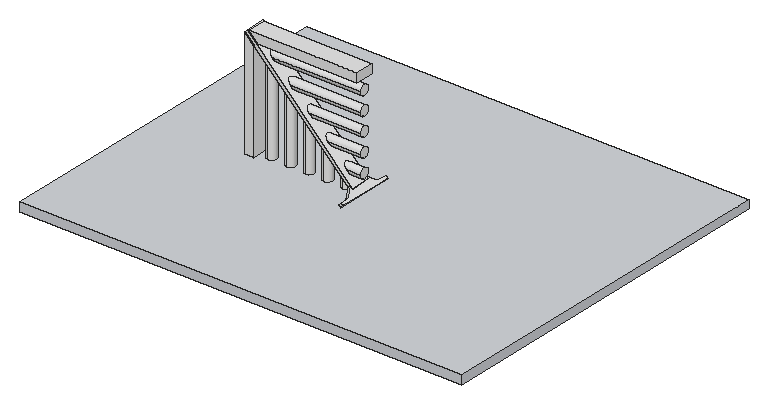
Revit family "Sunshade-Corner-Kawneer-Curtain_Wall-Outside_90", category Specialty Equipment, host Face, Revit 2015
Parameters (values of type "30"-Circular-Square")
  Width of Blades 2 [instance] = 0' - 0"
  Width of Blades 1 [instance] = 0' - 0"
  URL = "http://www.kawneer.com/kawneer/north_america/en/home.asp"
  Type Comments = ""
  Set 1 Inset = 0' - 5 1/4"
  Right Fascia Offset = 2' - 4 3/8"
  Product data url = "https://bimobject.com/kawneerna/product/04305"
  Product Page URL = "http://www.kawneer.com/kawneer/north_america/en/product.asp?cat_id=1463&prod_id=4305"
  Product Documentation Link = "http://www.kawneer.com/kawneer/north_america/catalog/pdf/Sun_Control/Versoleil_OutriggerCW_Flyer.pdf"
  Outrigger Type = Outrigger-Kawneer-Angle-Square : 5"
  Model = "Sunshade Outside 90 Degree Corner"  # constant formula
  Manufacturer = "Kawneer "  # constant formula
  Set 2 Inset = 0' - 6"
  Length = 2' - 6"
  Height of Bottom Fascia = 2' - 5 5/16"
  Height of Blade 1 = 0' - 5"
  Has 6th Blade = no
  Has 5th Blade = yes
  Finish = Aluminum - Kawneer - Clear
  Fascia Type = Fascia-Kawneer-Outside_Angle_Cut-Rectangular : Versoleil
  Distance Blade 5 and 6 = 0' - 0"
  Distance Blade 4 and 5 = 0' - 0"
  Distance Blade 3 and 4 = 0' - 0"
  Distance Blade 2 and 3 = 0' - 0"
  Distance Blade 1 and 2 = 0' - 0"
  Description = "Rounded Outrigger, Bullnose Fascias"
  Default Elevation = 4' - 0"
  Copyright © = "©2012 Kawneer  "  # constant formula
  CTRL Outrigger Angle = 45.00°
  CTRL Length of Blade = if(and(Length = 2' 6", CTRL Angle = 135.00°), 3' 6 109/256" - 0' 0 7/8", if(and(Length = 3' 0", CTRL Angle = 135.00°), 4' 2 233/256" - 0' 0 7/8", Length - 0' 2 1/32"))  # 3' - 5 141/256"
  CTRL Length of Outrigger = 2' - 6 1/4"
  CTRL Fascia Location = 0' - 0"
  CTRL Fascia Length = if(Length = 3' 0", 4' 8 11/32", 4' 1 23/32")  # 4' - 1 23/32"
  CTRL Angle = 135.00°
  Bottom Fascia Offset = if(Length = 2' 6", 2' 5 1/4", 2' 11 1/4")  # 2' - 5 1/4"
  Blade Type = Blade-Kawneer-Angle_Cut-Circular : Versoleil
  Blade Distance = 0' - 5"
  Blade 6 Location = if(Distance Blade 1 and 2 = 0' 1 1/4", 0' 1 1/4", if(Distance Blade 1 and 2 = 0' 0 1/8", 0' 0 1/8", Distance Blade 1 and 2))  # 0' - 0"
  Blade 5 Location = if(Distance Blade 2 and 3 = 0' 1 1/4", 0' 1 1/4", if(Distance Blade 2 and 3 = 0' 0 9/16", 0' 0 9/16", Distance Blade 2 and 3))  # 0' - 0"
  Blade 4 Location = if(Distance Blade 3 and 4 = 0' 1 1/4", 0' 1 1/4", if(Distance Blade 3 and 4 = 0' 1 1/4", 0' 1 1/4", Distance Blade 3 and 4))  # 0' - 0"
  Blade 3 Location = if(Distance Blade 4 and 5 = 0' 1 1/4", 0' 1 1/4", if(Distance Blade 4 and 5 = 0' 2 3/16", 0' 2 3/16", Distance Blade 4 and 5))  # 0' - 0"
  Blade 2 Location = if(Distance Blade 5 and 6 = 0' 1 1/4", 0' 1 1/4", if(Distance Blade 5 and 6 = 0' 3 1/16", 0' 3 1/16", Distance Blade 5 and 6))  # 0' - 0"
  Blade 1 Location = Distance Blade 1 and 2  # 0' - 0"
Reference planes (in)
  plane 1 "Center (Front/Back)": y = 0
  plane 2: z = -0.78125
  plane 3 "Center (Left/Right)": x = 3.30772
  plane 4 "Bracket Bottom": z = -0.78125
  plane 5 "Arm_Center-(T/B)": z = 2.07581
  plane 6 "Back of Right Blades": x = 4.06539
  plane 7 "Blade 1": z = 4.21875
  plane 8 "Blade 2": z = 9.21875
  plane 9 "Top": z = 29.21875
  plane 10 "Blade 3": z = 14.21875
  plane 11 "Blade 4": z = 19.21875
  plane 12 "Blade 5": z = 24.21875
  plane 13 "Outrigger offset": x = 4.06539
  plane 14 "Left of Right Blade 1": x = -1.93461
  plane 15 "Left of Right Blade 2": x = -6.93461
  plane 16 "Left of Right Blade 3": x = -11.93461
  plane 17 "Left of Right Blade 4": x = -16.93461
  plane 18 "Right of Fascias": x = -25.05961
  plane 19 "One": x = 19.82306
  plane 20 "Outrigger": through (-9.69912, -180, -14.54576) normal (-0.7071, 0, 0.7071)
  plane 21 "Back of Blade Bottom Set": z = -0.78125
  plane 22 "Top of Bottom Blade 1": z = 5.21875
  plane 23 "Top of Bottom Blade 2": z = 10.21875
  plane 24 "Top of Bottom Blade 3": z = 15.21875
  plane 25 "Top of Bottom Blade 4": z = 20.21875
  plane 26 "Top of Bottom Blade 5": z = 25.21875
  plane 27 "Two": x = 3.31539
  plane 28 "Top of Fascia 2": z = 29.21875
  plane 29 "Left of Right Blade 5": x = -21.93461
  plane 30 "Center of Bottom Blade 1": x = -0.93461
  plane 31 "Center of Bottom Blade 2": x = -5.93461
  plane 32 "Center of Bottom Blade 3": x = -10.93461
  plane 33 "Center of Bottom Blade 4": x = -15.93461
  plane 34 "Center of Bottom Blade 5": x = -20.93461
  plane 35 "Top of Bottom Fascia": x = -25.93461
  plane 36 "Top of Bottom Blade 6": z = 30.21875
  plane 37 "Blade 6": z = 29.21875
  plane 38 "Center Left / Right Blade 1": y = 0
  plane 39 "Center Left / Right Blade 2": y = 0
  plane 40 "Center Left / Right Blade 3": y = 0
  plane 41 "Center Left / Right Blade 4": y = 0
  plane 42 "Center Left / Right Blade 5": y = 0
  plane 43 "Center Left / Right Blade 6": y = 0
  plane 44 "Center Fascia": y = 0
  plane 45 "Left of Right Blade 6": x = -26.93461
  plane 46 "Center of Bottom Blade 6": x = -25.93461
  plane 47: z = 0
  plane 48 "Height oF Fascia Set 2": z = 28.53125
Forms (in)
  Extrusion 1, solid
    sketch origin (20.50767, 0, -0.78125) x (1, 0, 0) y (0, 1, 0)
      loop
        line (-70.19995, 48) -> (-70.19995, -48) -> (48, -48) -> (48, 48) -> (-70.19995, 48)
    from 0 to -2.19603
Lines and regions (in)
  reference lines
    curve 1: line (4.06539, 0, -0.78125) -> (-25.5913, 0, 28.87544)
Dimensions and locks (in)
  locked: plane 4 "Bracket Bottom" to plane 2 at 0
  "Blade Distance": plane 8 "Blade 2" to plane 7 "Blade 1"
  "Blade Distance": plane 10 "Blade 3" to plane 8 "Blade 2"
  "Blade Distance": plane 11 "Blade 4" to plane 10 "Blade 3"
  "Blade Distance": plane 16 "Left of Right Blade 3" to plane 15 "Left of Right Blade 2"
  "Blade Distance": plane 17 "Left of Right Blade 4" to plane 16 "Left of Right Blade 3"
  "Blade Distance": plane 31 "Center of Bottom Blade 2" to plane 30 "Center of Bottom Blade 1"
  "Blade Distance": plane 32 "Center of Bottom Blade 3" to plane 31 "Center of Bottom Blade 2"
  "Blade Distance": plane 33 "Center of Bottom Blade 4" to plane 32 "Center of Bottom Blade 3"
  "Blade Distance": plane 34 "Center of Bottom Blade 5" to plane 33 "Center of Bottom Blade 4"
  locked: plane 3 "Center (Left/Right)" to plane 27 "Two" at 0.00767
  "Blade Distance": plane 29 "Left of Right Blade 5" to plane 17 "Left of Right Blade 4"
  "Blade Distance": plane 25 "Top of Bottom Blade 4" to plane 24 "Top of Bottom Blade 3"
  "Blade Distance": plane 24 "Top of Bottom Blade 3" to plane 23 "Top of Bottom Blade 2"
  "Blade Distance": plane 23 "Top of Bottom Blade 2" to plane 22 "Top of Bottom Blade 1"
  "Blade Distance": plane 26 "Top of Bottom Blade 5" to plane 25 "Top of Bottom Blade 4"
  "Blade Distance": plane 36 "Top of Bottom Blade 6" to plane 26 "Top of Bottom Blade 5"
  "Blade Distance": plane 37 "Blade 6" to plane 12 "Blade 5"
  "Height of Blade 1": plane 30 "Center of Bottom Blade 1" to plane 13 "Outrigger offset"
  "Right Fascia Offset": plane 18 "Right of Fascias" to plane 27 "Two"
  "Bottom Fascia Offset": plane 35 "Top of Bottom Fascia" to plane 27 "Two"
  "Width of Blades 2": plane 4 "Bracket Bottom" to plane 21 "Back of Blade Bottom Set"
  "Blade 1 Location": plane 38 "Center Left / Right Blade 1" to plane 1 "Center (Front/Back)"
  "CTRL Fascia Location": plane 44 "Center Fascia" to plane 1 "Center (Front/Back)"
  "Blade 6 Location": plane 43 "Center Left / Right Blade 6" to plane 1 "Center (Front/Back)"
  "Blade 5 Location": plane 42 "Center Left / Right Blade 5" to plane 1 "Center (Front/Back)"
  "Blade 4 Location": plane 41 "Center Left / Right Blade 4" to plane 1 "Center (Front/Back)"
  "Blade 3 Location": plane 40 "Center Left / Right Blade 3" to plane 1 "Center (Front/Back)"
  "Blade 2 Location": plane 39 "Center Left / Right Blade 2" to plane 1 "Center (Front/Back)"
  "Blade Distance": plane 12 "Blade 5" to plane 11 "Blade 4"
  "Set 2 Inset": plane 22 "Top of Bottom Blade 1" to plane 4 "Bracket Bottom"
  "Set 1 Inset": plane 14 "Left of Right Blade 1" to plane 27 "Two"
  "Blade Distance": plane 15 "Left of Right Blade 2" to plane 14 "Left of Right Blade 1"
  locked: plane 44 "Center Fascia" to plane 1 "Center (Front/Back)" at 0
  "Blade Distance": plane 45 "Left of Right Blade 6" to plane 29 "Left of Right Blade 5"
  "Blade Distance": plane 46 "Center of Bottom Blade 6" to plane 34 "Center of Bottom Blade 5"
  "Height of Blade 1": plane 7 "Blade 1" to plane 2
  "Length": plane 9 "Top" to plane 2
  "Height of Bottom Fascia": plane 48 "Height oF Fascia Set 2" to plane 4 "Bracket Bottom"
  "Length": plane 28 "Top of Fascia 2" to plane 4 "Bracket Bottom"
  locked: plane 27 "Two" to plane 13 "Outrigger offset" at 0.75
  "Width of Blades 1": plane 13 "Outrigger offset" to plane 6 "Back of Right Blades"
  "CTRL Outrigger Angle": angle plane 4 "Bracket Bottom" to plane 20 "Outrigger"
  "CTRL Angle": angle plane 4 "Bracket Bottom" to curve 1
  aligned and locked: plane 2 to Extrusion 1
  aligned: level to Extrusion 1
  aligned: plane 9 "Top" to nested 1  (x2)
  aligned: plane 1 "Center (Front/Back)" to nested 1
  aligned and locked: plane 7 "Blade 1" to nested 2
  aligned: plane 1 "Center (Front/Back)" to nested 2
  aligned: plane 14 "Left of Right Blade 1" to nested 2  (x2)
  aligned and locked: plane 8 "Blade 2" to nested 3
  aligned: plane 15 "Left of Right Blade 2" to nested 3
  aligned and locked: plane 10 "Blade 3" to nested 4
  aligned: plane 16 "Left of Right Blade 3" to nested 4
  aligned: plane 17 "Left of Right Blade 4" to nested 5
  aligned and locked: plane 11 "Blade 4" to nested 5
  aligned and locked: plane 12 "Blade 5" to nested 6
  aligned and locked: plane 15 "Left of Right Blade 2" to nested 3
  aligned and locked: plane 16 "Left of Right Blade 3" to nested 4
  aligned and locked: plane 17 "Left of Right Blade 4" to nested 5
  aligned: plane 18 "Right of Fascias" to nested 1
  aligned and locked: plane 1 "Center (Front/Back)" to nested 7
  aligned: nested 1 to plane 6 "Back of Right Blades"
  aligned and locked: nested 2 to plane 6 "Back of Right Blades"
  aligned and locked: nested 3 to plane 6 "Back of Right Blades"
  aligned and locked: nested 4 to plane 6 "Back of Right Blades"
  aligned and locked: nested 5 to plane 6 "Back of Right Blades"
  aligned and locked: nested 6 to plane 6 "Back of Right Blades"
  aligned and locked: plane 4 "Bracket Bottom" to curve 1
  aligned and locked: plane 13 "Outrigger offset" to curve 1
  aligned and locked: curve 1 to nested 7
  aligned and locked: plane 37 "Blade 6" to nested 8
  aligned: nested 7 to curve 1
  aligned and locked: nested 8 to plane 6 "Back of Right Blades"
  aligned and locked: plane 14 "Left of Right Blade 1" to nested 2
  aligned and locked: plane 18 "Right of Fascias" to nested 1
  aligned and locked: nested 1 to plane 6 "Back of Right Blades"
  aligned and locked: plane 38 "Center Left / Right Blade 1" to nested 2
  aligned and locked: plane 39 "Center Left / Right Blade 2" to nested 3
  aligned and locked: plane 41 "Center Left / Right Blade 4" to nested 5
  aligned and locked: plane 42 "Center Left / Right Blade 5" to nested 6
  aligned and locked: plane 43 "Center Left / Right Blade 6" to nested 8
  aligned and locked: plane 44 "Center Fascia" to nested 1
  aligned: nested 3 to plane 39 "Center Left / Right Blade 2"
  aligned and locked: plane 40 "Center Left / Right Blade 3" to nested 4
  aligned: nested 5 to plane 41 "Center Left / Right Blade 4"
  aligned and locked: nested 10 to plane 34 "Center of Bottom Blade 5"
  aligned and locked: nested 12 to plane 33 "Center of Bottom Blade 4"
  aligned and locked: nested 11 to plane 32 "Center of Bottom Blade 3"
  aligned and locked: nested 13 to plane 31 "Center of Bottom Blade 2"
  aligned and locked: nested 14 to plane 30 "Center of Bottom Blade 1"
  aligned and locked: plane 21 "Back of Blade Bottom Set" to nested 9
  aligned and locked: plane 21 "Back of Blade Bottom Set" to nested 10
  aligned and locked: plane 21 "Back of Blade Bottom Set" to nested 12
  aligned and locked: plane 21 "Back of Blade Bottom Set" to nested 11
  aligned and locked: plane 21 "Back of Blade Bottom Set" to nested 13
  aligned and locked: plane 21 "Back of Blade Bottom Set" to nested 14
  aligned and locked: nested 9 to plane 36 "Top of Bottom Blade 6"
  aligned and locked: nested 10 to plane 26 "Top of Bottom Blade 5"
  aligned and locked: nested 12 to plane 25 "Top of Bottom Blade 4"
  aligned and locked: nested 11 to plane 24 "Top of Bottom Blade 3"
  aligned and locked: nested 13 to plane 23 "Top of Bottom Blade 2"
  aligned and locked: nested 14 to plane 22 "Top of Bottom Blade 1"
  aligned and locked: nested 14 to plane 38 "Center Left / Right Blade 1"
  aligned and locked: nested 13 to plane 39 "Center Left / Right Blade 2"
  aligned and locked: nested 11 to plane 40 "Center Left / Right Blade 3"
  aligned and locked: nested 12 to plane 41 "Center Left / Right Blade 4"
  aligned and locked: nested 10 to plane 42 "Center Left / Right Blade 5"
  aligned and locked: nested 9 to plane 43 "Center Left / Right Blade 6"
  aligned and locked: nested 15 to plane 44 "Center Fascia"
  aligned and locked: nested 15 to plane 35 "Top of Bottom Fascia"
  aligned: nested 15 to plane 28 "Top of Fascia 2"
  aligned and locked: plane 21 "Back of Blade Bottom Set" to nested 15
  aligned and locked: plane 20 "Outrigger" to nested 7
  aligned and locked: plane 28 "Top of Fascia 2" to nested 1
  aligned and locked: plane 45 "Left of Right Blade 6" to nested 8
  aligned and locked: nested 9 to plane 46 "Center of Bottom Blade 6"
  aligned and locked: plane 29 "Left of Right Blade 5" to nested 6
  aligned and locked: nested 15 to plane 48 "Height oF Fascia Set 2"
Automatic sketch dimensions
  Extrusion 1 sketch curve to Extrusion 1 sketch curve = 9' - 10.19995"
  Extrusion 1 sketch curve to Extrusion 1 sketch curve = 8' - 0"
Nested families (in)
  nested 1: "Fascia-Kawneer-Outside_Angle_Cut-Rectangular" at (46.94039, 0, 26.71694), Fascias Materials <- "Finish", type <- "Fascia Type", type "Versoleil"
    with Fascias Materials Aluminum - Kawneer - Clear, CTRL Width 2' - 5 1/8"
  nested 2: "Blade-Kawneer-Angle_Cut-Circular" at (70.06539, 0, 2.71875), Blade Materials <- "Finish", type <- "Blade Type", type "Versoleil"
    with CTRL Width 0' - 6", Blade Materials Aluminum - Kawneer - Clear
  nested 3: "Blade-Kawneer-Angle_Cut-Circular" at (65.06539, 0, 7.71875), Blade Materials <- "Finish", type <- "Blade Type", type "Versoleil"
    with CTRL Width 0' - 11", Blade Materials Aluminum - Kawneer - Clear
  nested 4: "Blade-Kawneer-Angle_Cut-Circular" at (60.06539, 0, 12.71875), Blade Materials <- "Finish", type <- "Blade Type", type "Versoleil"
    with CTRL Width 1' - 4", Blade Materials Aluminum - Kawneer - Clear
  nested 5: "Blade-Kawneer-Angle_Cut-Circular" at (55.06539, 0, 17.71875), Blade Materials <- "Finish", type <- "Blade Type", type "Versoleil"
    with CTRL Width 1' - 9", Blade Materials Aluminum - Kawneer - Clear
  nested 6: "Blade-Kawneer-Angle_Cut-Circular" at (50.06539, 0, 22.71875), visible <- "Has 5th Blade", Blade Materials <- "Finish", type <- "Blade Type", type "Versoleil"
    with CTRL Width 2' - 2", Blade Materials Aluminum - Kawneer - Clear
  nested 7: "Outrigger-Kawneer-Angle-Square" at (4.06539, 0, -0.78125) x (0.7071, 0, 0.7071) z (-0.7071, 0, 0.7071), type <- "Outrigger Type", CTRL Angle <- "CTRL Outrigger Angle", type "5""
    with Outrigger Length 3' - 3.90734", Outrigger Angle 90.00°, CTRL Blade Offset 1' - 9.38998", CTRL Angle 45.00°, Length 2' - 6 1/4", CTRL Length 2' - 4 7/32"
  nested 8: "Blade-Kawneer-Angle_Cut-Circular" at (45.06539, 0, 27.71875), visible <- "Has 6th Blade", Blade Materials <- "Finish", type <- "Blade Type", type "Versoleil"
    with CTRL Width 2' - 7", Blade Materials Aluminum - Kawneer - Clear
  nested 9: "Blade-Kawneer-Angle_Cut-Circular" at (-24.43461, 0, -41.78125) x (0, 0, -1) z (-1, 0, 0), visible <- "Has 6th Blade", Blade Materials <- "Finish", type <- "Blade Type", type "Versoleil"
    with CTRL Width 2' - 7", Blade Materials Aluminum - Kawneer - Clear
  nested 10: "Blade-Kawneer-Angle_Cut-Circular" at (-19.43461, 0, -46.78125) x (0, 0, -1) z (-1, 0, 0), visible <- "Has 5th Blade", Blade Materials <- "Finish", type <- "Blade Type", type "Versoleil"
    with CTRL Width 2' - 2", Blade Materials Aluminum - Kawneer - Clear
  nested 11: "Blade-Kawneer-Angle_Cut-Circular" at (-9.43461, 0, -56.78125) x (0, 0, -1) z (-1, 0, 0), Blade Materials <- "Finish", type <- "Blade Type", type "Versoleil"
    with CTRL Width 1' - 4", Blade Materials Aluminum - Kawneer - Clear
  nested 12: "Blade-Kawneer-Angle_Cut-Circular" at (-14.43461, 0, -51.78125) x (0, 0, -1) z (-1, 0, 0), Blade Materials <- "Finish", type <- "Blade Type", type "Versoleil"
    with CTRL Width 1' - 9", Blade Materials Aluminum - Kawneer - Clear
  nested 13: "Blade-Kawneer-Angle_Cut-Circular" at (-4.43461, 0, -61.78125) x (0, 0, -1) z (-1, 0, 0), Blade Materials <- "Finish", type <- "Blade Type", type "Versoleil"
    with CTRL Width 0' - 11", Blade Materials Aluminum - Kawneer - Clear
  nested 14: "Blade-Kawneer-Angle_Cut-Circular" at (0.56539, 0, -66.78125) x (0, 0, -1) z (-1, 0, 0), Blade Materials <- "Finish", type <- "Blade Type", type "Versoleil"
    with CTRL Width 0' - 6", Blade Materials Aluminum - Kawneer - Clear
  nested 15: "Fascia-Kawneer-Outside_Angle_Cut-Rectangular" at (-23.4328, 0, -43.46875) x (0, 0, -1) z (-1, 0, 0), Fascias Materials <- "Finish", type <- "Fascia Type", type "Versoleil"
    with Fascias Materials Aluminum - Kawneer - Clear, CTRL Width 2' - 5 5/16"
Definition of nested family "Fascia-Kawneer-Outside_Angle_Cut-Rectangular"
  Parameters
    Void Offset = 3' - 2"
    Void Angle = 45.00°
    Default Elevation = 4' - 0"
    CTRL Width [instance] = 12' - 0"
    Fascias Materials [instance] = none
    Assembly Code = ""
  Reference planes (in)
    plane 1 "Center (Front/Back)": y = 0
    plane 2 "Original Bottom": z = 0
    plane 3 "Center (Left/Right)": x = 0
    plane 4 "Left": x = -72
    plane 5 "Right": x = 72
    plane 6 "Front": y = -2.5
    plane 7 "Back": y = 2.5
    plane 8 "Top": z = 2.50181
    plane 9 "Bottom": z = 0
    plane 10 "Void Angle": x = -69.5
    plane 11 "Top Offset of Void": z = 2.53306
    plane 12 "Bottom Offset of Void": z = -0.03125
    plane 13 "Left Offset of Bracket": x = -72.03125
    plane 14 "Right Offset of Void": x = -69.46875
    plane 15 "Back offset of Void": y = -3.5
    plane 16 "Front Offset of Void": y = 3.5
  Forms (in)
    Sweep 1, solid, material <- "Fascias Materials", detail levels medium+fine
      path origin (10, 0, -1.71798) x (1, 0, 0) y (0, 0, 1)
        loop
          line (62, 8.91333) -> (-82, 8.91333)
      profile origin (0, 0, 7.19535) x (0, 0, -1) y (0, -1, 0)
        loop
          line (4.69354, 2.5) -> (4.69354, -2.5) -> (7.19535, -2.5) -> (7.19535, 2.5) -> (4.69354, 2.5)
    Extrusion 2, void
      sketch origin (0, 0, 0) x (1, 0, 0) y (0, 0, 1)
        loop
          line (-72.03125, 2.53215) -> (-72.03125, -0.03125) -> (-69.46965, -0.03125) -> (-72.03125, 2.53215)
      from -3.5 to 3.5
  Cuts and joins
    Extrusion 2 cuts Sweep 1
  Lines and regions (in)
    Masking region 1
      outline origin (0, 0, 0) x (0, 1, 0) y (0, 0, 1)
        loop
          line (2.5, 2.50181) -> (-2.5, 2.50181) -> (-2.5, 0) -> (2.5, 0) -> (2.5, 2.50181)
    Masking region 2
      outline origin (0, 0, 0) x (1, 0, 0) y (0, 1, 0)
        loop
          line (72, 2.5) -> (-72.03125, 2.5) -> (-72.03125, -2.5) -> (72, -2.5) -> (72, 2.5)
    Masking region 3
      outline origin (0, -2.5, 0) x (-1, 0, 0) y (0, 0, 1)
        loop
          line (-72, 2.53306) -> (-72, 0) -> (69.49912, 0) -> (72.03218, 2.53306) -> (-72, 2.53306)
    symbolic lines
      curve 1: line (72, 2.5, 2.50181) -> (72, -2.5, 2.50181)
      curve 2: line (72, -2.5, 2.50181) -> (72, -2.5, 0)
      curve 3: line (72, -2.5, 0) -> (72, 2.5, 0)
      curve 4: line (72, 2.5, 0) -> (72, 2.5, 2.50181)
      curve 5: line (-72, 2.5, 2.50181) -> (-72, -2.5, 2.50181)
      curve 6: line (-72, -2.5, 2.50181) -> (-72, -2.5, 0)
      curve 7: line (-72, -2.5, 0) -> (-72, 2.5, 0)
      curve 8: line (-72, 2.5, 0) -> (-72, 2.5, 2.50181)
      curve 12: line (72, 2.5, 2.50181) -> (-72.03125, 2.5, 2.50181)
      curve 13: line (72, -2.5, 2.50181) -> (72, 2.5, 2.50181)
      curve 14: line (-72.03125, -2.5, 2.50181) -> (72, -2.5, 2.50181)
      curve 15: line (-72.03125, 2.5, 2.50181) -> (-72.03125, -2.5, 2.50181)
      curve 16: line (-69.50088, 2.5, 0) -> (-69.50088, -2.5, 0)
    model lines, detail levels coarse
      curve 9: line (-72, 0, 2.50181) -> (72, 0, 2.50181)
      curve 21: line (72, 2.5, 0) -> (-69.50088, 2.5, 0)
      curve 22: line (72, -2.5, 0) -> (72, 2.5, 0)
      curve 23: line (-69.50088, -2.5, 0) -> (72, -2.5, 0)
      curve 24: line (-72.03125, 2.5, 2.50181) -> (-72.03125, -2.5, 2.50181)
      curve 25: line (72, 2.5, 2.50181) -> (-69.46875, 2.5, 2.50181)
      curve 26: line (72, -2.5, 2.50181) -> (72, 2.5, 2.50181)
      curve 27: line (-69.46875, -2.5, 2.50181) -> (72, -2.5, 2.50181)
      curve 28: line (-69.46875, 2.5, 0) -> (-69.46875, -2.5, 0)
      curve 29: line (72, 2.5, 2.50181) -> (72, -2.5, 2.50181)
      curve 30: line (72, 2.5, 0) -> (72, 2.5, 2.50181)
      curve 31: line (72, -2.5, 0) -> (72, 2.5, 0)
      curve 32: line (72, -2.5, 2.50181) -> (72, -2.5, 0)
      curve 33: line (-72, -2.5, 2.50181) -> (-72, 2.5, 2.50181)
      curve 34: line (-69.5, 2.5, 0) -> (-69.5, -2.5, 0)
      curve 35: line (-72.03218, 2.5, 2.53306) -> (-69.49912, 2.5, 0)
      curve 36: line (-72.03218, -2.5, 2.53306) -> (-69.46787, -2.5, -0.03125)
    symbolic lines, detail levels coarse
      curve 10: line (-72, 0, 2.50181) -> (72, 0, 2.50181)
    reference lines
      curve 11: line (-69.5, 0, 0) -> (-72.00181, 0, 2.50181)
    model lines
      curve 17: line (72, -2.5, 2.50181) -> (-72.00181, -2.5, 2.50181)
      curve 18: line (72, -2.5, -0.03125) -> (72, -2.5, 2.50181)
      curve 19: line (-69.46875, -2.5, -0.03125) -> (72, -2.5, -0.03125)
      curve 20: line (-72.00181, -2.5, 2.50181) -> (-69.46875, -2.5, -0.03125)
  Dimensions and locks (in)
    "CTRL Width": plane 4 "Left" to plane 5 "Right"
    equal spacing: plane 6 "Front", plane 1 "Center (Front/Back)", plane 7 "Back"
    plane 8 "Top" to plane 9 "Bottom" = 0' - 2.50181"  (x2)
    plane 4 "Left" to plane 10 "Void Angle" = 0' - 2 1/2"
    plane 9 "Bottom" to plane 12 "Bottom Offset of Void" = 0' - 0 1/32"
    plane 11 "Top Offset of Void" to plane 8 "Top" = 0' - 0 1/32"
    plane 13 "Left Offset of Bracket" to plane 4 "Left" = 0' - 0 1/32"
    plane 10 "Void Angle" to plane 14 "Right Offset of Void" = 0' - 0 1/32"
    "Void Angle": angle curve 11 to plane 9 "Bottom"
    aligned and locked: plane 4 "Left" to Sweep 1 sketch curve
    aligned and locked: plane 5 "Right" to Sweep 1 sketch curve
    aligned: Sweep 1 to plane 2 "Original Bottom"  (x2)
    aligned: plane 8 "Top" to Sweep 1
    aligned: plane 6 "Front" to Sweep 1
    aligned: plane 7 "Back" to Sweep 1
    aligned and locked: plane 9 "Bottom" to plane 2 "Original Bottom"
    aligned and locked: Sweep 1 to plane 9 "Bottom"
    aligned and locked: plane 8 "Top" to Sweep 1
    aligned and locked: plane 7 "Back" to Sweep 1
    aligned and locked: plane 6 "Front" to Sweep 1
    aligned and locked: Masking region 1 sketch curve to Sweep 1  (x4)
    aligned and locked: curve 1 to Masking region 1
    aligned and locked: curve 2 to Masking region 1
    aligned and locked: curve 3 to Masking region 1
    aligned and locked: curve 4 to Masking region 1
    aligned and locked: curve 5 to curve 1
    aligned and locked: curve 6 to curve 2
    aligned and locked: curve 7 to curve 3
    aligned and locked: curve 8 to curve 4
    aligned and locked: plane 10 "Void Angle" to curve 11
    aligned and locked: plane 9 "Bottom" to curve 11
    aligned and locked: plane 8 "Top" to curve 11
    aligned and locked: Extrusion 2 sketch curve to plane 13 "Left Offset of Bracket"
    aligned and locked: plane 12 "Bottom Offset of Void" to Extrusion 2 sketch curve
    aligned and locked: plane 16 "Front Offset of Void" to Extrusion 2
    aligned and locked: Extrusion 2 to plane 15 "Back offset of Void"
    aligned and locked: Masking region 2 sketch curve to plane 7 "Back"
    aligned and locked: Masking region 2 sketch curve to plane 6 "Front"
    aligned and locked: plane 13 "Left Offset of Bracket" to Masking region 2 sketch curve
    aligned and locked: plane 5 "Right" to curve 13
    aligned and locked: curve 14 to plane 6 "Front"
    aligned and locked: plane 13 "Left Offset of Bracket" to curve 15
    aligned and locked: Masking region 3 sketch curve to plane 11 "Top Offset of Void"
    aligned and locked: plane 5 "Right" to Masking region 3 sketch curve
    aligned and locked: Masking region 3 sketch curve to plane 9 "Bottom"
    aligned and locked: curve 19 to plane 12 "Bottom Offset of Void"
    aligned and locked: curve 17 to plane 8 "Top"
    aligned and locked: plane 5 "Right" to curve 18
    aligned and locked: curve 21 to plane 7 "Back"
    aligned and locked: curve 23 to plane 6 "Front"
    aligned and locked: plane 13 "Left Offset of Bracket" to curve 24
    aligned and locked: plane 5 "Right" to curve 22
    aligned and locked: curve 25 to plane 7 "Back"
    aligned and locked: curve 27 to plane 6 "Front"
  Automatic sketch dimensions
    level to Sweep 1 sketch curve = 0' - 7.19535"
    Sweep 1 sketch curve to plane 1 "Center (Front/Back)" = 0' - 2 1/2"
    Sweep 1 sketch curve to profile plane = 0' - 4.69354"
    Sweep 1 sketch curve to Sweep 1 sketch curve = 0' - 2.50181"
    plane 1 "Center (Front/Back)" to Sweep 1 sketch curve = 0' - 2 1/2"
    plane 14 "Right Offset of Void" to Extrusion 2 sketch curve = 0' - 0.0009"
    Extrusion 2 sketch curve to plane 11 "Top Offset of Void" = 0' - 0.0009"
    Masking region 2 sketch curve to plane 5 "Right" = 0' - 0"
    plane 4 "Left" to Masking region 3 sketch curve = 0' - 0.03218"
    Masking region 3 sketch curve to plane 10 "Void Angle" = 0' - 0.00088"
    curve 10 to plane 1 "Center (Front/Back)" = 0' - 0"
    curve 10 to plane 4 "Left" = 0' - 0"
    curve 9 to plane 1 "Center (Front/Back)" = 0' - 0"
    curve 9 to plane 4 "Left" = 0' - 0"
    curve 35 to level = 0' - 0"
    curve 35 to plane 11 "Top Offset of Void" = 0' - 0"
    plane 10 "Void Angle" to curve 35 = 0' - 0.00088"
    curve 35 to plane 13 "Left Offset of Bracket" = 0' - 0.00093"
    plane 14 "Right Offset of Void" to curve 20 = 0' - 0"
    curve 36 to plane 11 "Top Offset of Void" = 0' - 0"
    curve 36 to curve 19 = 0' - 0.00088"
    plane 4 "Left" to curve 20 = 0' - 0.00181"
    plane 13 "Left Offset of Bracket" to curve 36 = 0' - 0.00093"
    level to curve 34 = 0' - 0"
    curve 34 to plane 7 "Back" = 0' - 0"
    curve 34 to plane 6 "Front" = 0' - 0"
    plane 14 "Right Offset of Void" to curve 21 = 0' - 0.03213"
    curve 25 to plane 14 "Right Offset of Void" = 0' - 0"
    curve 27 to plane 14 "Right Offset of Void" = 0' - 0"
    plane 7 "Back" to curve 28 = 0' - 0"
    curve 28 to plane 6 "Front" = 0' - 0"
    curve 28 to plane 14 "Right Offset of Void" = 0' - 0"
Definition of nested family "Blade-Kawneer-Angle_Cut-Circular"
  Parameters
    Void Offset = 3' - 0"
    Void Angle = 45.00°
    Default Elevation = 4' - 0"
    CTRL Width [instance] = 12' - 0"
    Blade Materials [instance] = none
  Reference planes (in)
    plane 1 "Center (Front/Back)": y = 0
    plane 2 "Original Bottom": z = 0
    plane 3 "Center (Left/Right)": x = 0
    plane 4 "Left": x = -72
    plane 5 "Right": x = 72
    plane 6 "Front": y = -1.29687
    plane 7 "Back": y = 1.29687
    plane 8 "Top": z = 3
    plane 9 "Bottom": z = 1.5
    plane 10 "Void Angle": x = -69
    plane 11 "Top Offset Of Void": z = 3.03125
    plane 12 "Top offset of void": z = -0.03125
    plane 13 "Left Offset of Void": x = -72.03125
    plane 14 "Left Offset of Right": x = -68.96875
    plane 15 "Front Offset of Void": y = 1.32812
    plane 16 "Back Offset of Void": y = -1.32812
  Forms (in)
    Sweep 1, solid, material <- "Blade Materials", detail levels medium+fine
      path origin (10, 0, -1.63267) x (1, 0, 0) y (0, 0, 1)
        loop
          line (62, 8.91333) -> (-82, 8.91333)
      profile origin (0, 0, 7.28066) x (0, 0, -1) y (0, -1, 0)
        loop
          circle (6.01729, -0.01411) r 1.25
    Extrusion 2, void
      sketch origin (0, 0, 0) x (1, 0, 0) y (0, 0, 1)
        loop
          line (-72.03125, 3.03125) -> (-72.03125, -0.03125) -> (-68.96875, -0.03125) -> (-72.03125, 3.03125)
      from -1.32812 to 1.32812
  Cuts and joins
    Extrusion 2 cuts Sweep 1
  Lines and regions (in)
    Masking region 1
      outline origin (0, 0, 0) x (0, 1, 0) y (0, 0, 1)
        loop
          circle (0, 1.5) r 1.26407
    Masking region 2
      outline origin (0, 0, 0) x (1, 0, 0) y (0, 1, 0)
        loop
          line (72, 1.32812) -> (-72.03125, 1.32812) -> (-72.03125, -1.32812) -> (72, -1.32812) -> (72, 1.32812)
    Masking region 3
      outline origin (0, 0, 0) x (1, 0, 0) y (0, 0, 1)
        loop
          line (72, 3.03125) -> (-72.03125, 3.03125) -> (-68.96875, -0.03125) -> (72, -0.03125) -> (72, 3.03125)
    symbolic lines
      curve 1: circle (0, 0, 1.5) r 1.26407 normal (1, 0, 0)
      curve 2: arc (0, 1.26411, 1.26337) -> (0, 0.01411, 2.51337) -> (0, -1.23589, 1.26337) r 1.25
      curve 3: arc (0, -1.23589, 1.26337) -> (0, 0.01411, 0.01337) -> (0, 1.26411, 1.26337) r 1.25
      curve 6: line (-70.31469, -1.32812, 3) -> (60, -1.32812, 3)
      curve 7: line (72, 1.32812, 3) -> (-70.31469, 1.32812, 3)
      curve 8: line (-72, 0, 0) -> (72, 0, 0)
      curve 9: spline (-70.31469, 1.32812, 3) -> (-70.63822, 1.28287, 3) -> (-70.93969, 1.15019, 3) -> (-71.19858, 0.93913, 3) -> (-71.39722, 0.66406, 3) -> (-71.5221, 0.34374, 3) -> (-71.56469, 0, 3) -> (-71.5221, -0.34374, 3) -> (-71.39722, -0.66406, 3) -> (-71.19858, -0.93913, 3) -> (-70.93969, -1.15019, 3) -> (-70.63822, -1.28287, 3) -> (-70.31469, -1.32812, 3)
      curve 10: line (72, -1.29687, 3.03125) -> (-72.03125, -1.29687, 3.03125)
      curve 11: line (72, -1.29687, -0.03125) -> (72, -1.29687, 3.03125)
      curve 12: line (-68.96875, -1.29687, -0.03125) -> (72, -1.29687, -0.03125)
      curve 13: line (-72.03125, -1.29687, 3.03125) -> (-68.96875, -1.29687, -0.03125)
    model lines, detail levels coarse
      curve 4: line (-72, 0, 1.5) -> (72, 0, 1.5)
    reference lines
      curve 5: line (-69, 0, 0) -> (-72, 0, 3)
  Dimensions and locks (in)
    "CTRL Width": plane 4 "Left" to plane 5 "Right"
    equal spacing: plane 6 "Front", plane 1 "Center (Front/Back)", plane 7 "Back"
    equal spacing: plane 8 "Top", plane 9 "Bottom", plane 2 "Original Bottom"
    plane 4 "Left" to plane 10 "Void Angle" = 0' - 3"
    plane 8 "Top" to plane 2 "Original Bottom" = 0' - 3"
    plane 13 "Left Offset of Void" to plane 4 "Left" = 0' - 0 1/32"
    plane 10 "Void Angle" to plane 14 "Left Offset of Right" = 0' - 0 1/32"
    plane 2 "Original Bottom" to plane 12 "Top offset of void" = 0' - 0 1/32"
    plane 11 "Top Offset Of Void" to plane 8 "Top" = 0' - 0 1/32"
    plane 16 "Back Offset of Void" to plane 6 "Front" = 0' - 0 1/32"
    plane 7 "Back" to plane 15 "Front Offset of Void" = 0' - 0 1/32"
    "Void Angle": angle curve 5 to plane 2 "Original Bottom"
    "Void Angle": angle Extrusion 2 sketch curve to plane 12 "Top offset of void"
    aligned and locked: plane 4 "Left" to Sweep 1 sketch curve
    aligned and locked: plane 5 "Right" to Sweep 1 sketch curve
    aligned: Sweep 1 to plane 2 "Original Bottom"
    aligned: plane 8 "Top" to Sweep 1
    aligned: plane 6 "Front" to Sweep 1
    aligned: plane 7 "Back" to Sweep 1
    aligned and locked: plane 1 "Center (Front/Back)" to Masking region 1 sketch curve
    aligned and locked: plane 9 "Bottom" to Masking region 1 sketch curve
    aligned and locked: plane 1 "Center (Front/Back)" to curve 1
    aligned and locked: plane 9 "Bottom" to curve 1
    aligned and locked: curve 2 to Sweep 1
    aligned and locked: curve 3 to Sweep 1
    aligned and locked: plane 1 "Center (Front/Back)" to curve 4
    aligned and locked: plane 2 "Original Bottom" to curve 5
    aligned and locked: plane 10 "Void Angle" to curve 5
    aligned and locked: plane 4 "Left" to curve 5
    aligned and locked: Extrusion 2 sketch curve to plane 13 "Left Offset of Void"
    aligned and locked: Extrusion 2 to plane 15 "Front Offset of Void"
    aligned and locked: plane 16 "Back Offset of Void" to Extrusion 2
    aligned and locked: plane 13 "Left Offset of Void" to Extrusion 2 sketch curve
    aligned and locked: plane 11 "Top Offset Of Void" to Extrusion 2 sketch curve
    aligned and locked: plane 14 "Left Offset of Right" to Extrusion 2 sketch curve
    aligned and locked: plane 5 "Right" to Masking region 2 sketch curve
    aligned and locked: Masking region 2 sketch curve to plane 16 "Back Offset of Void"
    aligned and locked: Masking region 2 sketch curve to plane 15 "Front Offset of Void"
    aligned and locked: plane 13 "Left Offset of Void" to Masking region 2 sketch curve
    aligned and locked: Masking region 3 sketch curve to plane 11 "Top Offset Of Void"
    aligned and locked: plane 5 "Right" to Masking region 3 sketch curve
    aligned and locked: Masking region 3 sketch curve to plane 12 "Top offset of void"
    aligned and locked: plane 5 "Right" to curve 11
    aligned and locked: curve 10 to plane 11 "Top Offset Of Void"
    aligned and locked: curve 12 to plane 12 "Top offset of void"
  Automatic sketch dimensions
    level to Sweep 1 sketch curve = 0' - 7.28066"
    Sweep 1 sketch curve to profile plane = 0' - 6.01729"
    Sweep 1 sketch curve to plane 1 "Center (Front/Back)" = 0' - 0.01411"
    Sweep 1 sketch curve to Sweep 1 sketch curve = 0' - 1 1/4"
    curve 4 to plane 5 "Right" = 0' - 0"
    curve 4 to plane 4 "Left" = 0' - 0"
    plane 1 "Center (Front/Back)" to curve 8 = 0' - 0"
    curve 8 to plane 4 "Left" = 0' - 0"
    curve 8 to plane 5 "Right" = 0' - 0"
    curve 7 to plane 5 "Right" = 0' - 0"
    plane 16 "Back Offset of Void" to curve 6 = 0' - 0"
    curve 9 to plane 15 "Front Offset of Void" = 0' - 0"
    curve 6 to plane 5 "Right" = 1' - 0"
    plane 10 "Void Angle" to curve 9 = 0' - 1.31469"
    plane 14 "Left Offset of Right" to Masking region 3 sketch curve = 0' - 0"
    plane 13 "Left Offset of Void" to Masking region 3 sketch curve = 0' - 0"
    plane 14 "Left Offset of Right" to curve 13 = 0' - 0"
    plane 13 "Left Offset of Void" to curve 13 = 0' - 0"
    radius of Masking region 1 sketch curve = 0' - 1.26407"
    radius of curve 1 = 0' - 1.26407"
Definition of nested family "Outrigger-Kawneer-Angle-Square"
  Parameters
    Thickness = 0' - 1 3/32"
    Outrigger Width = 0' - 5"
    Length = 3' - 0"
    Default Elevation = 4' - 0"
    Outrigger Length [instance] = CTRL Length / sin(CTRL Angle)  # 4' - 0 5/128"
    CTRL Width = 0' - 0 15/16"
    Outrigger Materials = none
    CTRL Length = Length - 0' 2 1/32"  # 2' - 9 31/32"
    CTRL Blade Offset [instance] = cos(CTRL Angle) * Length  # 2' - 1.45584"
    CTRL Angle [instance] = if(Angle > 90.00°, 180.00° - Angle, Angle)  # 45.00°
    Outrigger Angle [instance] = 90.00°
    Angle = 45.00°
  Reference planes (in)
    plane 1 "Center (Front/Back)": y = 0
    plane 2 "Original Bottom": z = 0
    plane 3 "Center (Left/Right)": x = 0
    plane 4 "Left": x = -0.46875
    plane 5 "Right": x = 0.46875
    plane 6 "Front": y = -2.5
    plane 7 "Back": y = 2.5
    plane 8 "Top": z = 36
    plane 9 "Bottom": z = 0
    plane 10 "Top of Braket": z = 2.9
    plane 11 "Right of Braket": y = 7.53105
    plane 12 "Left of Bracket": y = -7.53105
    plane 13 "Right of Left Bracket": x = -0.21875
    plane 14 "Left of Right Bracket": x = 0.21875
    plane 15 "CTRL Height": z = 2.025
    plane 16: x = -25.23709
  Forms (in)
    Sweep 1, solid, material <- "Outrigger Materials"
      path origin (10, 0, 3.04406) x (1, 0, 0) y (0, 0, 1)
        loop
          line (-9.37469, -1.01906) -> (-10.46875, -1.01906)
      profile origin (0.07828, 0, 2.025) x (0, 0, -1) y (0, -1, 0)
        loop
          line (-48.03907, 2.5) -> (-48.03907, -2.5) -> (0, -2.5) -> (0, 2.5) -> (-48.03907, 2.5)
    Sweep 2, solid, material <- "Outrigger Materials", detail levels fine
      path origin (0, 0, -1.03601) x (1, 0, 0) y (0, 0, 1)
        loop
          line (0.46875, 36.5) -> (-0.46875, 36.5)
      profile origin (0, 0, 35.46399) x (0, 0, -1) y (0, -1, 0)
        loop
          line (32.56399, 2.5) -> (32.56399, -2.50126) -> (34.48003, -4.78471)
          arc (34.48003, -4.78471) -> (34.65368, -5.08548) -> (34.71399, -5.4275) r 1
          line (34.71399, -5.4275) -> (34.71399, -7.53105) -> (35.46399, -7.53105) -> (35.46399, 7.46895) -> (34.71399, 7.46895) -> (34.71399, 5.3654)
          arc (34.71399, 5.3654) -> (34.65368, 5.02338) -> (34.48003, 4.72261) r 1
          line (34.48003, 4.72261) -> (32.56399, 2.5)
  Lines and regions (in)
    Masking region 1
      outline origin (0, 0, 0) x (1, 0, 0) y (0, 0, 1)
        loop
          line (-0.46875, 50.06407) -> (-0.46875, 2.025) -> (0.625, 2.025) -> (0.625, 50.06407) -> (-0.46875, 50.06407)
    Masking region 2
      outline origin (0, 2.5, 0) x (-1, 0, 0) y (0, 0, 1)
        loop
          line (-0.46875, 2.9) -> (-0.46875, 0) -> (0.46875, 0) -> (0.46875, 2.9) -> (-0.46875, 2.9)
    Masking region 3
      outline origin (0.46875, 0, 0) x (0, -1, 0) y (0, 0, 1)
        loop
          line (-2.5, 36) -> (-2.5, 2.025) -> (2.5, 2.025) -> (2.5, 36) -> (-2.5, 36)
    symbolic lines, detail levels medium+fine
      curve 1: line (-0.46875, -2.5, 2.9) -> (-0.46875, -4.72261, 0.98396)
      curve 2: arc (-0.46875, -4.72261, 0.98396) -> (-0.46875, -5.02338, 0.81031) -> (-0.46875, -5.3654, 0.75) r 1
      curve 3: line (-0.46875, -5.3654, 0.75) -> (-0.46875, -7.46895, 0.75)
      curve 4: line (-0.46875, -7.46895, 0.75) -> (-0.46875, -7.46895, 0)
      curve 6: line (-0.46875, 7.53105, 0) -> (-0.46875, 7.53105, 0.75)
      curve 7: line (-0.46875, 7.53105, 0.75) -> (-0.46875, 5.4275, 0.75)
      curve 8: arc (-0.46875, 5.4275, 0.75) -> (-0.46875, 5.08548, 0.81031) -> (-0.46875, 4.78471, 0.98396) r 1
      curve 9: line (-0.46875, 4.78471, 0.98396) -> (-0.46875, 2.5, 2.9)
      curve 17: line (0.46875, -2.5, 2.9) -> (0.46875, -4.72261, 0.98396)
      curve 18: arc (0.46875, -4.72261, 0.98396) -> (0.46875, -5.02338, 0.81031) -> (0.46875, -5.3654, 0.75) r 1
      curve 19: line (0.46875, -5.3654, 0.75) -> (0.46875, -7.46895, 0.75)
      curve 20: line (0.46875, -7.46895, 0.75) -> (0.46875, -7.46895, 0)
      curve 22: line (0.46875, 7.53105, 0) -> (0.46875, 7.53105, 0.75)
      curve 23: line (0.46875, 7.53105, 0.75) -> (0.46875, 5.4275, 0.75)
      curve 24: arc (0.46875, 5.4275, 0.75) -> (0.46875, 5.08548, 0.81031) -> (0.46875, 4.78471, 0.98396) r 1
      curve 25: line (0.46875, 4.78471, 0.98396) -> (0.46875, 2.5, 2.9)
    symbolic lines
      curve 5: line (-0.46875, -7.46895, 0) -> (-0.46875, 7.53105, 0)
      curve 21: line (0.46875, 7.53105, 0) -> (0.46875, -7.46895, 0)
    symbolic lines, detail levels fine
      curve 10: line (-0.46875, 2.5, 2.9) -> (-0.46875, -2.5, 2.9)
      curve 11: line (0.46875, -2.5, 2.9) -> (0.46875, 2.5, 2.9)
      curve 15: line (-0.19531, -2.5, 2.025) -> (-0.19531, -2.5, 50.06407)
      curve 16: line (0.35156, -2.5, 2.025) -> (0.35156, -2.5, 50.06407)
    model lines, detail levels medium
      curve 12: line (-0.46875, 7.53105, 0) -> (0.46875, 7.53105, 0)
      curve 13: line (-0.46875, -7.53105, 0) -> (0.46875, -7.53105, 0)
    symbolic lines, detail levels medium
      curve 14: line (0.07813, -2.5, 2.025) -> (0.07813, -2.5, 50.06407)
  Dimensions and locks (in)
    "CTRL Width": plane 4 "Left" to plane 5 "Right"
    equal spacing: plane 4 "Left", plane 3 "Center (Left/Right)", plane 5 "Right"
    equal spacing: plane 6 "Front", plane 1 "Center (Front/Back)", plane 7 "Back"
    "Length": plane 8 "Top" to plane 9 "Bottom"
    locked: plane 12 "Left of Bracket" to plane 11 "Right of Braket" at 15.0621
    locked: plane 4 "Left" to plane 13 "Right of Left Bracket" at 0.25
    locked: plane 14 "Left of Right Bracket" to plane 5 "Right" at 0.25
    plane 10 "Top of Braket" to plane 15 "CTRL Height" = 0' - 0 7/8"
    "Outrigger Length": Sweep 1 sketch curve to Sweep 1 sketch curve
    plane 15 "CTRL Height" to plane 9 "Bottom" = 0' - 2.025"
    "CTRL Blade Offset": plane 16 to plane 14 "Left of Right Bracket"
    locked: plane 12 "Left of Bracket" to plane 6 "Front" at 5.03105
    locked: plane 7 "Back" to plane 11 "Right of Braket" at 5.03105
    "Thickness": Masking region 1 sketch curve to Masking region 1 sketch curve
    "Outrigger Width": Sweep 1 to Sweep 1
    equal spacing: Masking region 1, curve 15, curve 14, curve 16, Masking region 1
    "Outrigger Length": Masking region 1 sketch curve to Masking region 1 sketch curve
    "Outrigger Angle": angle plane 3 "Center (Left/Right)" to Sweep 1 sketch curve
    "Outrigger Angle": angle plane 15 "CTRL Height" to Masking region 1 sketch curve
    aligned: Sweep 1 to plane 2 "Original Bottom"  (x2)
    aligned: plane 8 "Top" to Sweep 1  (x3)
    aligned: plane 6 "Front" to Sweep 1  (x2)
    aligned: plane 7 "Back" to Sweep 1  (x2)
    aligned: plane 9 "Bottom" to plane 2 "Original Bottom"
    aligned: Sweep 1 to plane 9 "Bottom"  (x6)
    aligned: Sweep 1 to plane 7 "Back"  (x4)
    aligned: Sweep 1 to plane 6 "Front"  (x6)
    aligned and locked: plane 9 "Bottom" to plane 2 "Original Bottom"
    aligned and locked: plane 5 "Right" to Sweep 2 sketch curve
    aligned and locked: plane 4 "Left" to Sweep 2 sketch curve
    aligned and locked: Sweep 2 to plane 9 "Bottom"  (x4)
    aligned and locked: plane 11 "Right of Braket" to Sweep 2
    aligned and locked: plane 10 "Top of Braket" to Sweep 2  (x2)
    aligned and locked: Sweep 1 sketch curve to plane 6 "Front"
    aligned and locked: Sweep 1 sketch curve to plane 7 "Back"
    aligned and locked: plane 4 "Left" to Sweep 1 sketch curve
    aligned and locked: plane 15 "CTRL Height" to Sweep 1 sketch curve
    aligned and locked: Sweep 1 to plane 7 "Back"
    aligned and locked: Sweep 1 to plane 6 "Front"
    aligned and locked: plane 15 "CTRL Height" to Sweep 1
    aligned and locked: curve 12 to plane 9 "Bottom"
    aligned and locked: curve 13 to plane 9 "Bottom"
    aligned and locked: plane 15 "CTRL Height" to Masking region 1 sketch curve
    aligned and locked: plane 4 "Left" to Masking region 1 sketch curve
    aligned and locked: curve 17 to curve 1
    aligned and locked: curve 18 to curve 2
    aligned and locked: plane 5 "Right" to Masking region 2 sketch curve
    aligned and locked: plane 4 "Left" to Masking region 2 sketch curve
    aligned and locked: plane 10 "Top of Braket" to Masking region 2 sketch curve
    aligned and locked: Masking region 2 sketch curve to level
    aligned and locked: Sweep 1 to curve 15  (x2)
    aligned and locked: Sweep 1 to curve 14  (x2)
    aligned and locked: Sweep 1 to curve 16  (x2)
    aligned and locked: Masking region 3 sketch curve to plane 15 "CTRL Height"
    aligned and locked: plane 8 "Top" to Masking region 3 sketch curve
    aligned and locked: Masking region 3 sketch curve to plane 7 "Back"
    aligned and locked: Masking region 3 sketch curve to plane 6 "Front"
  Automatic sketch dimensions
    Sweep 1 sketch curve to profile plane = 0' - 0"
    Sweep 2 sketch curve to plane 8 "Top" = 0' - 0.53601"
    plane 1 "Center (Front/Back)" to Sweep 2 sketch curve = 0' - 2 1/2"
    Sweep 2 sketch curve to profile plane = 2' - 8.56399"
    Sweep 2 sketch curve to Sweep 2 sketch curve = 0' - 1.15"  (x2)
    Sweep 2 sketch curve to plane 1 "Center (Front/Back)" = 0' - 4.78471"
    Sweep 2 sketch curve to Sweep 2 sketch curve = 0' - 0.76604"  (x2)
    plane 1 "Center (Front/Back)" to Sweep 2 sketch curve = 0' - 4.72261"
    Sweep 2 sketch curve to Sweep 2 sketch curve = 0' - 1"  (x2)
    Sweep 2 sketch curve to Sweep 2 sketch curve = 0' - 0 3/4"
    Sweep 2 sketch curve to Sweep 2 sketch curve = 0' - 2.10355"  (x2)
    Sweep 2 sketch curve to plane 1 "Center (Front/Back)" = 0' - 2.50126"
    curve 11 to plane 7 "Back" = 0' - 0"
    curve 13 to plane 5 "Right" = 0' - 0"
    plane 4 "Left" to curve 13 = 0' - 0"
    curve 12 to plane 5 "Right" = 0' - 0"
    plane 4 "Left" to curve 12 = 0' - 0"
    curve 11 to plane 10 "Top of Braket" = 0' - 0"
    curve 10 to plane 7 "Back" = 0' - 0"
    curve 1 to plane 6 "Front" = 0' - 0"
    curve 1 to plane 10 "Top of Braket" = 0' - 0"
    curve 8 to plane 15 "CTRL Height" = 0' - 0.275"
    plane 11 "Right of Braket" to curve 8 = 0' - 2.10355"
    curve 8 to curve 8 = 0' - 0.64279"
    curve 1 to plane 6 "Front" = 0' - 2.22261"
    curve 1 to curve 3 = 0' - 0.64279"
    curve 2 to plane 15 "CTRL Height" = 0' - 0.275"
    curve 7 to curve 9 = 0' - 0.23396"
    curve 22 to curve 22 = 0' - 0 3/4"
    curve 22 to curve 23 = 0' - 2.10355"
    curve 24 to curve 24 = 0' - 0.64279"
    curve 24 to curve 24 = 0' - 0.23396"
    curve 20 to level = 0' - 0"
    curve 19 to plane 12 "Left of Bracket" = 0' - 0.0621"
    curve 6 to plane 11 "Right of Braket" = 0' - 0"
    level to curve 6 = 0' - 0"
    plane 12 "Left of Bracket" to curve 4 = 0' - 0.0621"
    level to curve 2 = 0' - 0 3/4"
    curve 21 to plane 11 "Right of Braket" = 0' - 0"
